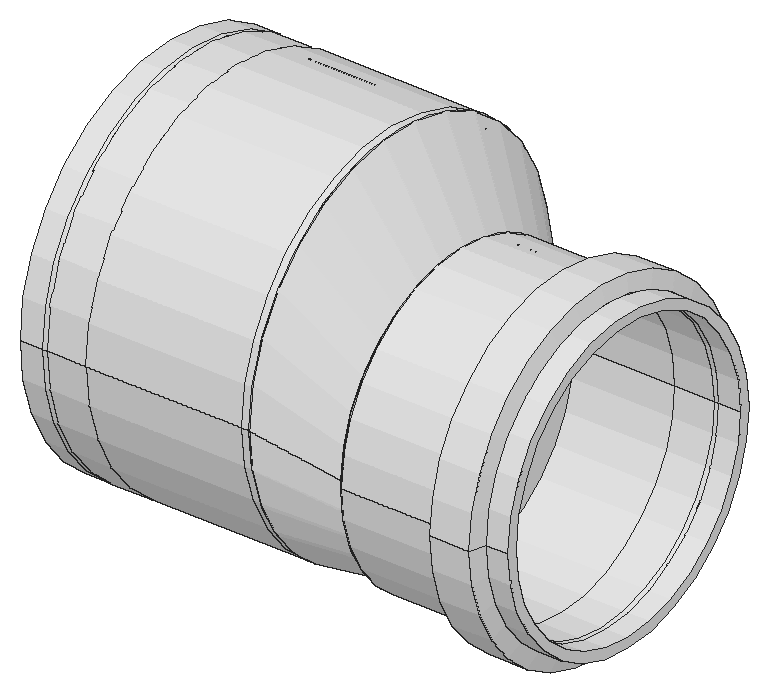
Revit family "Reducao_Excentrica", category Pipe Fittings, Revit 2025
Family settings
  Round Connector Dimension = Use Radius
  Part Type = Transition
  Work Plane-Based = No
  Always vertical = Yes
  Cut with Voids When Loaded = No
  Shared = No
Parameters (values of type "Standard")
  built-in parameter 1114242 [instance] = (empty or 0)
  URL = "http://www.tigre.com.br"
  Type Comments = ""
  Tigre: Sistema = "Esgoto"  # constant formula
  Tigre: Norma = ""
  Tigre: Material = "PVC Branco"  # constant formula
  Tigre: Marcador [instance] = "00"
  Tigre: Link do Produto = "http://www.tigre.com.br/pt/produtos_unico.php?rcr_id=4&cpr_id=10&cpr_id_pai=4&lnh_id=9&prd_id=720"
  Tigre: Linha = "Série Normal"  # constant formula
  Tigre: Fabricante = "© Tigre S/A"  # constant formula
  Tigre: Descrição [instance] = if(or(and(Diâmetro Nominal 1 = 75.00 mm, Diâmetro Nominal 2 = 50.00 mm), and(Diâmetro Nominal 1 = 50.00 mm, Diâmetro Nominal 2 = 75.00 mm)), "Redução Excêntrica 75x50mm, Esgoto Série Normal - TIGRE", if(or(and(Diâmetro Nominal 1 = 100.00 mm, Diâmetro Nominal 2 = 50.00 mm), and(Diâmetro Nominal 1 = 50.00 mm, Diâmetro Nominal 2 = 100.00 mm)), "Redução Excêntrica 100x50mm, Esgoto Série Normal - TIGRE", if(or(and(Diâmetro Nominal 1 = 100.00 mm, Diâmetro Nominal 2 = 75.00 mm), and(Diâmetro Nominal 1 = 75.00 mm, Diâmetro Nominal 2 = 100.00 mm)), "Redução Excêntrica 100x75mm, Esgoto Série Normal - TIGRE", if(or(and(Diâmetro Nominal 1 = 150.00 mm, Diâmetro Nominal 2 = 100.00 mm), and(Diâmetro Nominal 1 = 100.00 mm, Diâmetro Nominal 2 = 150.00 mm)), "Redução Excêntrica 150x100mm, Esgoto Série Normal - TIGRE", if(or(and(Diâmetro Nominal 1 = 200.00 mm, Diâmetro Nominal 2 = 150.00 mm), and(Diâmetro Nominal 1 = 150.00 mm, Diâmetro Nominal 2 = 200.00 mm)), "Redução Excêntrica 200x150mm, Esgoto Série Normal - TIGRE", "Produto Inexistente")))))  # "Redução Excêntrica 100x75mm, Esgoto Série Normal - TIGRE"
  Tigre: Código com Separador [instance] = if(or(and(Diâmetro Nominal 1 = 75.00 mm, Diâmetro Nominal 2 = 50.00 mm), and(Diâmetro Nominal 1 = 50.00 mm, Diâmetro Nominal 2 = 75.00 mm)), "26.35.729.2", if(or(and(Diâmetro Nominal 1 = 100.00 mm, Diâmetro Nominal 2 = 50.00 mm), and(Diâmetro Nominal 1 = 50.00 mm, Diâmetro Nominal 2 = 100.00 mm)), "26.35.746.2", if(or(and(Diâmetro Nominal 1 = 100.00 mm, Diâmetro Nominal 2 = 75.00 mm), and(Diâmetro Nominal 1 = 75.00 mm, Diâmetro Nominal 2 = 100.00 mm)), "26.35.747.0", if(or(and(Diâmetro Nominal 1 = 150.00 mm, Diâmetro Nominal 2 = 100.00 mm), and(Diâmetro Nominal 1 = 100.00 mm, Diâmetro Nominal 2 = 150.00 mm)), "29.58.764.7", if(or(and(Diâmetro Nominal 1 = 200.00 mm, Diâmetro Nominal 2 = 150.00 mm), and(Diâmetro Nominal 1 = 150.00 mm, Diâmetro Nominal 2 = 200.00 mm)), "26.35.752.7", "Produto ou Código Inexistente")))))  # "26.35.747.0"
  Tigre: Código [instance] = if(or(and(Diâmetro Nominal 1 = 75.00 mm, Diâmetro Nominal 2 = 50.00 mm), and(Diâmetro Nominal 1 = 50.00 mm, Diâmetro Nominal 2 = 75.00 mm)), 26357292, if(or(and(Diâmetro Nominal 1 = 100.00 mm, Diâmetro Nominal 2 = 50.00 mm), and(Diâmetro Nominal 1 = 50.00 mm, Diâmetro Nominal 2 = 100.00 mm)), 26357462, if(or(and(Diâmetro Nominal 1 = 100.00 mm, Diâmetro Nominal 2 = 75.00 mm), and(Diâmetro Nominal 1 = 75.00 mm, Diâmetro Nominal 2 = 100.00 mm)), 26357470, if(or(and(Diâmetro Nominal 1 = 150.00 mm, Diâmetro Nominal 2 = 100.00 mm), and(Diâmetro Nominal 1 = 100.00 mm, Diâmetro Nominal 2 = 150.00 mm)), 29587647, if(or(and(Diâmetro Nominal 1 = 200.00 mm, Diâmetro Nominal 2 = 150.00 mm), and(Diâmetro Nominal 1 = 150.00 mm, Diâmetro Nominal 2 = 200.00 mm)), 26357527, 0)))))  # 26357470
  Tigre: Comentários [instance] = ""
  Sem Redução [instance] = Raio Nominal 1 = Raio Nominal 2  # no
  Representação Unifilar 2 [instance] = Diâmetro Nominal 1 * 0.2  # 20 mm
  Representação Unifilar 1 [instance] = Diâmetro Nominal 2 * 0.2  # 15.00 mm
  Redução à Esquerda [instance] = Raio Nominal 1 > Raio Nominal 2  # yes
  Redução à Direita [instance] = Raio Nominal 1 < Raio Nominal 2  # no
  Raio Nominal Máximo [instance] = if(Raio Nominal 1 > Raio Nominal 2, Raio Nominal 1, Raio Nominal 2)  # 50 mm
  Raio Nominal 1 [instance] = 50 mm
  Raio Nominal 2 [instance] = 37.5 mm
  Raio Externo 2 [instance] = Diâmetro Externo 2 / 2  # 40.00 mm
  Raio Externo 1 [instance] = Diâmetro Externo 1 / 2  # 50.00 mm
  Raio Anel 2 [instance] = size_lookup(Lookup Table Name, "RaioAnel2", 0.5 * Diâmetro Nominal 1, Diâmetro Nominal 1, Diâmetro Nominal 2)  # 44.2 mm
  Raio Anel 1 [instance] = size_lookup(Lookup Table Name, "RaioAnel1", 0.442 * Diâmetro Nominal 1, Diâmetro Nominal 1, Diâmetro Nominal 2)  # 50 mm
  Raio 2 [instance] = if(Diâmetro Nominal 1 > Diâmetro Nominal 2, Raio Nominal 2, if(Diâmetro Nominal 1 = Diâmetro Nominal 2, Raio Nominal 2, 0.95 * Raio Nominal 2))  # 37.5 mm
  Raio 1 [instance] = if(Diâmetro Nominal 1 > Diâmetro Nominal 2, Raio Nominal 1 * 0.95, if(Diâmetro Nominal 1 = Diâmetro Nominal 2, Raio Nominal 1 * 0.95, Raio Nominal 1))  # 47.5 mm
  Model = ""
  Manufacturer = Tigre: Fabricante  # "© Tigre S/A"
  Luva à Esquerda [instance] = and(Ligação em Tubo, Diâmetro Nominal 1 > Diâmetro Nominal 2)  # yes
  Luva à Direita [instance] = and(Ligação em Tubo, Diâmetro Nominal 1 < Diâmetro Nominal 2)  # no
  Luva = no
  Loss Method = Not Defined
  Lookup Table Name = "Reducao Excentrica - Serie Normal - Esgoto - MEP - Tigre"
  Ligação em Tubo [instance] = yes
  K Coefficient Table = "Reducer/Coupling/Union/Increaser"
  Description = "Redução Excêntrica, Esgoto Série Normal - TIGRE"
  Default Elevation = 0.00 mm
  Cota L2 [instance] = if(Diâmetro Nominal 1 > Diâmetro Nominal 2, Cota C, Cota A)  # 77.4 mm
  Cota L1 [instance] = if(Diâmetro Nominal 1 > Diâmetro Nominal 2, Cota A, Cota A - Cota D)  # 122 mm
  Cota H [instance] = if(Diâmetro Nominal 1 < Diâmetro Nominal 2, Cota C - Cota D - (3.80 mm), 0.00 mm)  # 0 mm
  Aux.Width 2 [instance] = 0 mm
  Aux.Width 1 [instance] = 0 mm
  Aux.Height 2 [instance] = if(or(and(Diâmetro Nominal 1 = 75.00 mm, Diâmetro Nominal 2 = 50.00 mm), and(Diâmetro Nominal 1 = 50.00 mm, Diâmetro Nominal 2 = 75.00 mm)), 12.50 mm, if(or(and(Diâmetro Nominal 1 = 100.00 mm, Diâmetro Nominal 2 = 50.00 mm), and(Diâmetro Nominal 1 = 50.00 mm, Diâmetro Nominal 2 = 100.00 mm)), 25.00 mm, if(or(and(Diâmetro Nominal 1 = 100.00 mm, Diâmetro Nominal 2 = 75.00 mm), and(Diâmetro Nominal 1 = 75.00 mm, Diâmetro Nominal 2 = 100.00 mm)), 12.50 mm, if(or(and(Diâmetro Nominal 1 = 150.00 mm, Diâmetro Nominal 2 = 100.00 mm), and(Diâmetro Nominal 1 = 100.00 mm, Diâmetro Nominal 2 = 150.00 mm)), 25.00 mm, if(or(and(Diâmetro Nominal 1 = 200.00 mm, Diâmetro Nominal 2 = 150.00 mm), and(Diâmetro Nominal 1 = 150.00 mm, Diâmetro Nominal 2 = 200.00 mm)), 25.00 mm, 0.00 mm)))))  # 12.5 mm
  Aux.Height 1 [instance] = 0 mm
  Acabamento [instance] = none
  Diâmetro Nominal 1 [instance] = Raio Nominal 1 * 2  # 100 mm
  Diâmetro Nominal 2 [instance] = Raio Nominal 2 * 2  # 75 mm
  Diâmetro Externo 2 [instance] = size_lookup(Lookup Table Name, "DE2", Diâmetro Nominal 1, Diâmetro Nominal 1, Diâmetro Nominal 2)  # 80 mm
  Diâmetro Externo 1 [instance] = size_lookup(Lookup Table Name, "DE1", 0.8 * Diâmetro Nominal 1, Diâmetro Nominal 1, Diâmetro Nominal 2)  # 100 mm
  Cota E [instance] = size_lookup(Lookup Table Name, "CotE", 0.175 * Diâmetro Nominal 1, Diâmetro Nominal 1, Diâmetro Nominal 2)  # 17.5 mm
  Cota D [instance] = size_lookup(Lookup Table Name, "CotD", 0.446 * Diâmetro Nominal 1, Diâmetro Nominal 1, Diâmetro Nominal 2)  # 59.1 mm
  Cota C [instance] = size_lookup(Lookup Table Name, "CotC", 0.629 * Diâmetro Nominal 1, Diâmetro Nominal 1, Diâmetro Nominal 2)  # 77.4 mm
  Cota B1 [instance] = size_lookup(Lookup Table Name, "CotB1", 0.06 * Diâmetro Nominal 1, Diâmetro Nominal 1, Diâmetro Nominal 2)  # 6 mm
  Cota B [instance] = size_lookup(Lookup Table Name, "CotB", 1.05 * Diâmetro Nominal 1, Diâmetro Nominal 1, Diâmetro Nominal 2)  # 105.5 mm
  Cota Anel 2 [instance] = size_lookup(Lookup Table Name, "CotAnel2", 0.105 * Diâmetro Nominal 1, Diâmetro Nominal 1, Diâmetro Nominal 2)  # 10.5 mm
  Cota Anel 1 [instance] = size_lookup(Lookup Table Name, "CotAnel1", 0.105 * Diâmetro Nominal 1, Diâmetro Nominal 1, Diâmetro Nominal 2)  # 10.5 mm
  Cota A [instance] = size_lookup(Lookup Table Name, "CotA", 1.22 * Diâmetro Nominal 1, Diâmetro Nominal 1, Diâmetro Nominal 2)  # 122 mm
  Chanfro [instance] = size_lookup(Lookup Table Name, "Chan", 0.02 * Diâmetro Nominal 1, Diâmetro Nominal 1, Diâmetro Nominal 2)  # 1 mm
Reference planes
  plane 1 "Center (Front/Back)": y = 0
  plane 2: z = 0
  plane 3 "Center (Left/Right)": x = 0
  plane 4: x = 61
  plane 5: x = 17.5
  plane 6: x = 122
  plane 7: x = 75.5
  plane 8: x = 59.1
  plane 9: x = 77.4
  plane 10: x = 105.5
  plane 11: y = 0
  plane 12: y = 0
  plane 13: z = 0
  plane 14 "H1": z = 12.5
  plane 15: x = 29.55
  plane 16: x = 99.7
Forms (mm)
  Sweep 1, solid, material "PVC", detail levels fine
    path in 3D
      loop
        line (122, 0, 0) -> (116, 0, 0)
    profile origin (119, 0, 0) x (0, -1, 0) y (0, 0, 1)
      loop
        circle (0, 0) r 40
  Sweep 2, solid, material "PVC", detail levels fine
    path in 3D
      loop
        line (115, 0, 0) -> (104.5, 0, 0)
    profile origin (109.75, 0, 0) x (0, -1, 0) y (0, 0, 1)
      loop
        circle (0, 0) r 44.2
  SweptBlend 3, solid, material "PVC", detail levels fine
    path in 3D
      loop
        line (116, 0, 0) -> (115, 0, 0)
    profile origin (116, 0, 0) x (0, -1, 0) y (0, 0, 1)
      loop
        circle (0, 0) r 40
    end profile origin (115, 0, 0) x (0, -1, 0) y (0, 0, 1)
      loop
        circle (0, 0) r 44.2
  Sweep 4, solid, material "PVC", detail levels fine
    path in 3D
      loop
        line (104.5, 0, 0) -> (77.4, 0, 0)
    profile origin (90.95, 0, 0) x (0, -1, 0) y (0, 0, 1)
      loop
        circle (0, 0) r 40
  SweptBlend 5, solid, material "PVC", detail levels fine
    path in 3D
      loop
        line (77.4, 0, 0) -> (75.5, 0, 0)
    profile origin (77.4, 0, 0) x (0, -1, 0) y (0, 0, 1)
      loop
        circle (0, 0) r 40
    end profile origin (75.5, 0, 0) x (0, -1, 0) y (0, 0, 1)
      loop
        circle (0, 0) r 37.5
  Sweep 6, solid, material "PVC", detail levels fine
    path in 3D
      loop
        line (0, 0, 12.5) -> (6, 0, 12.5)
    profile origin (3, 0, 12.5) x (0, 1, 0) y (0, 0, 1)
      loop
        circle (0, 0) r 50
  Sweep 7, solid, material "PVC", detail levels fine
    path in 3D
      loop
        line (7, 0, 12.5) -> (17.5, 0, 12.5)
    profile origin (12.25, 0, 12.5) x (0, 1, 0) y (0, 0, 1)
      loop
        circle (0, 0) r 50
  SweptBlend 8, solid, material "PVC", detail levels fine
    path in 3D
      loop
        line (6, 0, 12.5) -> (7, 0, 12.5)
    profile origin (6, 0, 12.5) x (0, 1, 0) y (0, 0, 1)
      loop
        circle (0, 0) r 50
    end profile origin (7, 0, 12.5) x (0, 1, 0) y (0, 0, 1)
      loop
        circle (0, 0) r 50
  Sweep 9, solid, material "PVC", detail levels fine
    path in 3D
      loop
        line (17.5, 0, 12.5) -> (59.1, 0, 12.5)
    profile origin (38.3, 0, 12.5) x (0, 1, 0) y (0, 0, 1)
      loop
        circle (0, 0) r 50
  SweptBlend 10, solid, material "PVC", detail levels fine
    path in 3D
      loop
        line (59.1, 0, 12.5) -> (61, 0, 12.5)
    profile origin (59.1, 0, 12.5) x (0, 1, 0) y (0, 0, 1)
      loop
        circle (0, 0) r 50
    end profile origin (61, 0, 12.5) x (0, 1, 0) y (0, 0, 1)
      loop
        circle (0, 0) r 50
  Blend 11, solid, material "PVC", detail levels fine
    base sketch origin (75.5, 0, 0) x (0, 0, -1) y (0, -1, 0)
      loop
        circle (0, 0) r 37.5
    top sketch origin (75.5, 0, 0) x (0, 0, -1) y (0, -1, 0)
      loop
        circle (-12.5, 0) r 50
    from 0 to 14.5
  Sweep 12, void
    path in 3D
      loop
        line (0, 0, 12.5) -> (6, 0, 12.5) -> (7, 0, 12.5) -> (17.5, 0, 12.5) -> (59.1, 0, 12.5)
    profile origin (3, 0, 12.5) x (0, 1, 0) y (0, 0, 1)
      loop
        circle (0, 0) r 47.5
  Sweep 13, void
    path in 3D
      loop
        line (122, 0, 0) -> (116, 0, 0) -> (115, 0, 0) -> (104.5, 0, 0) -> (77.4, 0, 0)
    profile origin (119, 0, 0) x (0, -1, 0) y (0, 0, 1)
      loop
        circle (0, 0) r 37.5
  Blend 14, solid, material "PVC", not visible, detail levels fine
    base sketch origin (75.5, 50.499, 1200) x (0, -1, 0) y (0, 0, 1)
      loop
        line (50.499, -1200) -> (50.499, -1215) -> (65.499, -1215) -> (65.499, -1200) -> (50.499, -1200)
    top sketch origin (75.5, 50.499, 1200) x (0, -1, 0) y (0, 0, 1)
      loop
        line (50.499, -1187.5) -> (30.499, -1187.5) -> (30.499, -1197.5) -> (50.499, -1197.5) -> (50.499, -1187.5)
    from -1.9 to 16.4
  Blend 15, solid, material "PVC", not visible, detail levels fine
    base sketch origin (75.5, 50.499, 1200) x (0, -1, 0) y (0, 0, 1)
      loop
        line (50.499, -1200) -> (35.499, -1200) -> (35.499, -1215) -> (50.499, -1215) -> (50.499, -1200)
    top sketch origin (75.5, 50.499, 1200) x (0, -1, 0) y (0, 0, 1)
      loop
        line (50.499, -1187.5) -> (50.499, -1197.5) -> (70.499, -1197.5) -> (70.499, -1187.5) -> (50.499, -1187.5)
    from -1.9 to 16.4
  Sweep 16, solid, material "PVC", not visible, detail levels fine
    path origin (-1520, -1524, 12.5) x (-1, 0, 0) y (0, -1, 0)
      loop
        line (-1520, -1524) -> (-1581, -1524)
    profile origin (30.5, 0, 12.5) x (0, 1, 0) y (0, 0, 1)
      loop
        circle (0, 0) r 50
  Sweep 17, solid, material "PVC", not visible, detail levels fine
    path origin (-348.004, 0, 1200) x (-1, 0, 0) y (0, 0, 1)
      loop
        line (-423.504, -1200) -> (-425.404, -1200)
    profile origin (76.45, 0, 0) x (0, 0, -1) y (0, 1, 0)
      loop
        circle (0, 0) r 37.5
Cuts and joins
  Sweep 13 cuts Sweep 1
  Sweep 13 cuts Sweep 2
  Sweep 13 cuts SweptBlend 3
  Sweep 13 cuts Sweep 4
  joined: Sweep 1, Sweep 2, SweptBlend 3, Sweep 4
  Sweep 12 cuts Sweep 6
  Sweep 12 cuts Sweep 7
  Sweep 12 cuts SweptBlend 8
  Sweep 12 cuts Sweep 9
  Sweep 12 cuts SweptBlend 10
  joined: Sweep 6, Sweep 7, SweptBlend 8, Sweep 9, SweptBlend 10
  Sweep 13 cuts SweptBlend 5
Lines and regions (mm)
  model lines, not visible, detail levels coarse+medium
    curve 1: line (122, 0, 0) -> (116, 0, 0)
    curve 2: line (116, 0, 0) -> (115, 0, 0)
    curve 3: line (115, 0, 0) -> (104.5, 0, 0)
    curve 4: line (104.5, 0, 0) -> (77.4, 0, 0)
    curve 5: line (77.4, 0, 0) -> (75.5, 0, 0)
    curve 11: line (0, 0, 12.5) -> (6, 0, 12.5)
    curve 12: line (6, 0, 12.5) -> (7, 0, 12.5)
    curve 13: line (7, 0, 12.5) -> (17.5, 0, 12.5)
    curve 14: line (17.5, 0, 12.5) -> (59.1, 0, 12.5)
    curve 15: line (59.1, 0, 12.5) -> (61, 0, 12.5)
  sketch lines
    curve 6: line (122, 0, 0) -> (116, 0, 0)
    curve 7: line (115, 0, 0) -> (104.5, 0, 0)
    curve 8: line (116, 0, 0) -> (115, 0, 0)
    curve 9: line (104.5, 0, 0) -> (77.4, 0, 0)
    curve 10: line (77.4, 0, 0) -> (75.5, 0, 0)
    curve 16: line (0, 0, 12.5) -> (6, 0, 12.5)
    curve 17: line (7, 0, 12.5) -> (17.5, 0, 12.5)
    curve 18: line (6, 0, 12.5) -> (7, 0, 12.5)
    curve 19: line (17.5, 0, 12.5) -> (59.1, 0, 12.5)
    curve 20: line (59.1, 0, 12.5) -> (61, 0, 12.5)
    curve 21: line (0, 0, 12.5) -> (6, 0, 12.5)
    curve 22: line (7, 0, 12.5) -> (17.5, 0, 12.5)
    curve 23: line (17.5, 0, 12.5) -> (59.1, 0, 12.5)
    curve 24: line (6, 0, 12.5) -> (7, 0, 12.5)
    curve 25: line (122, 0, 0) -> (116, 0, 0)
    curve 26: line (116, 0, 0) -> (115, 0, 0)
    curve 27: line (115, 0, 0) -> (104.5, 0, 0)
    curve 28: line (104.5, 0, 0) -> (77.4, 0, 0)
  model lines, visible <- "Redução à Direita", detail levels coarse+medium
    curve 29: line (59.1, 0, 12.5) -> (77.4, 15, 0)
    curve 30: line (59.1, 0, 12.5) -> (77.4, -15, 0)
  model lines, visible <- "Redução à Esquerda", detail levels coarse+medium
    curve 31: line (77.4, 0, 0) -> (59.1, 20, 12.5)
    curve 32: line (77.4, 0, 0) -> (59.1, -20, 12.5)
  model lines, detail levels coarse+medium
    curve 33: line (77.4, 15, 0) -> (77.4, -15, 0)
    curve 34: line (59.1, 20, 12.5) -> (59.1, -20, 12.5)
  model lines, visible <- "Sem Redução", detail levels coarse+medium
    curve 35: line (77.4, 0, 0) -> (59.1, 0, 12.5)
Dimensions and locks
  "Cota A": plane 3 "Center (Left/Right)" to plane 6
  "Cota B": plane 3 "Center (Left/Right)" to plane 10
  "Cota C": plane 3 "Center (Left/Right)" to plane 9
  "Cota D": plane 3 "Center (Left/Right)" to plane 8
  "Cota E": plane 3 "Center (Left/Right)" to plane 5
  locked: plane 8 to plane 4 at 1.9
  locked: plane 7 to plane 9 at 1.9
  "Aux.Width 2": plane 11 to plane 12
  locked: level to plane 13 at 0
  "Aux.Height 2": plane 14 "H1" to plane 13
  "Cota B1": curve 1 to plane 6
  "Chanfro": curve 2 to curve 2
  "Cota Anel 1": curve 3 to curve 3
  "Cota B1": plane 3 "Center (Left/Right)" to curve 11
  "Chanfro": curve 12 to curve 12
  "Cota Anel 2": curve 13 to curve 13
  locked: plane 12 to plane 1 "Center (Front/Back)"
  "Representação Unifilar 2": Blend 14 sketch curve to plane 1 "Center (Front/Back)"
  "Representação Unifilar 1": plane 11 to Blend 14 sketch curve
  "Representação Unifilar 1": Blend 15 sketch curve to plane 11
  "Representação Unifilar 2": plane 1 "Center (Front/Back)" to Blend 15 sketch curve
  equal spacing: curve 33, plane 11, curve 33
  "Representação Unifilar 1": curve 33 to plane 11
  equal spacing: curve 34, plane 1 "Center (Front/Back)", curve 34
  "Representação Unifilar 2": plane 1 "Center (Front/Back)" to curve 34
  "Cota L1": Sweep 16 sketch curve to plane 6
  "Cota L2": Sweep 17 sketch curve to plane 3 "Center (Left/Right)"
  equal spacing: plane 3 "Center (Left/Right)", plane 15, plane 8
  equal spacing: plane 9, plane 16, plane 6
  "Raio Externo 2": radius of Sweep 1 sketch curve
  "Raio Anel 2": radius of Sweep 2 sketch curve
  "Raio Externo 2": radius of Sweep 4 sketch curve
  "Raio Nominal 2": radius of SweptBlend 5 sketch curve
  "Raio Externo 1": radius of Sweep 6 sketch curve
  "Raio Anel 1": radius of Sweep 7 sketch curve
  "Raio Externo 1": radius of Sweep 9 sketch curve
  "Raio Nominal 1": radius of SweptBlend 10 sketch curve
  "Raio Nominal 2": radius of Blend 11 sketch curve
  "Raio 1": radius of Sweep 12 sketch curve
  "Raio 2": radius of Sweep 13 sketch curve
  "Raio Nominal 1": radius of Sweep 16 sketch curve
  "Raio Nominal 2": radius of Sweep 17 sketch curve
  aligned and locked: plane 11 to curve 1
  aligned and locked: plane 6 to curve 1
  aligned and locked: plane 11 to curve 2
  aligned and locked: plane 11 to curve 3
  aligned and locked: plane 9 to curve 4
  aligned and locked: plane 11 to curve 4
  aligned and locked: plane 7 to curve 5
  aligned and locked: plane 11 to curve 5
  aligned and locked: SweptBlend 3 sketch curve to Sweep 2  (x2)
  aligned and locked: SweptBlend 3 sketch curve to Sweep 1  (x2)
  aligned and locked: SweptBlend 5 sketch curve to Sweep 4  (x2)
  aligned and locked: plane 3 "Center (Left/Right)" to curve 11
  aligned and locked: plane 1 "Center (Front/Back)" to curve 11
  aligned and locked: plane 1 "Center (Front/Back)" to curve 12
  aligned and locked: plane 1 "Center (Front/Back)" to curve 13
  aligned and locked: plane 1 "Center (Front/Back)" to curve 14
  aligned and locked: plane 8 to curve 14
  aligned and locked: plane 1 "Center (Front/Back)" to curve 15
  aligned and locked: plane 4 to curve 15
  aligned and locked: SweptBlend 8 sketch curve to Sweep 6  (x2)
  aligned and locked: SweptBlend 8 sketch curve to Sweep 7  (x2)
  aligned and locked: SweptBlend 10 sketch curve to Sweep 9  (x2)
  aligned and locked: Blend 11 sketch curve to cut or joined group of Sweep 6, Sweep 7, SweptBlend 8, Sweep 9, SweptBlend 10, Sweep 12  (x2)
  aligned and locked: plane 4 to Blend 11
  aligned and locked: Blend 11 to plane 7
  aligned and locked: plane 1 "Center (Front/Back)" to Blend 14 sketch curve
  aligned and locked: plane 14 "H1" to Blend 14 sketch curve
  aligned and locked: Blend 14 sketch curve to level
  aligned and locked: Blend 14 sketch curve to plane 11
  aligned and locked: level to Blend 15 sketch curve
  aligned and locked: Blend 15 sketch curve to plane 11
  aligned and locked: Blend 15 sketch curve to plane 14 "H1"
  aligned and locked: plane 1 "Center (Front/Back)" to Blend 15 sketch curve
  aligned and locked: curve 29 to Blend 15
  aligned and locked: curve 30 to Blend 14
  aligned and locked: curve 31 to Blend 14
  aligned and locked: curve 32 to Blend 15
  aligned and locked: plane 8 to Blend 15
  aligned and locked: plane 8 to Blend 14
  aligned and locked: plane 9 to curve 33
  aligned and locked: plane 8 to curve 34
  aligned and locked: plane 4 to Sweep 16 sketch curve
  aligned and locked: plane 1 "Center (Front/Back)" to Sweep 16 sketch curve
  aligned and locked: plane 7 to Sweep 17 sketch curve
  aligned and locked: Sweep 17 sketch curve to plane 13
Automatic sketch dimensions
  Sweep 1 sketch curve to profile plane = 0.00 mm  (x2)
  Sweep 2 sketch curve to profile plane = 0.00 mm  (x2)
  Sweep 4 sketch curve to profile plane = 0.00 mm  (x2)
  SweptBlend 5 sketch curve to profile plane = 0.00 mm  (x2)
  Sweep 6 sketch curve to profile plane = 0.00 mm  (x2)
  Sweep 7 sketch curve to profile plane = 0.00 mm  (x2)
  Sweep 9 sketch curve to profile plane = 0.00 mm  (x2)
  SweptBlend 10 sketch curve to profile plane = 0.00 mm  (x2)
  Blend 11 sketch curve to Blend 11 sketch curve = 0.00 mm  (x2)
  Sweep 12 sketch curve to profile plane = 0.00 mm  (x2)
  Sweep 13 sketch curve to profile plane = 0.00 mm  (x2)
  Blend 14 sketch curve to level = 15.00 mm
  Blend 14 sketch curve to plane 14 "H1" = 10.00 mm
  Blend 15 sketch curve to level = 15.00 mm
  Blend 15 sketch curve to plane 14 "H1" = 10.00 mm
  curve 29 to Blend 15 = 0.00 mm  (x2)
  curve 30 to Blend 14 = 0.00 mm  (x2)
  curve 31 to Blend 14 = 0.00 mm  (x2)
  curve 32 to Blend 15 = 0.00 mm  (x2)
  curve 35 to Blend 14 = 0.00 mm  (x4)
  Sweep 16 sketch curve to plane 14 "H1" = 0.00 mm
  Sweep 16 sketch curve to profile plane = 0.00 mm
  Sweep 17 sketch curve to plane 11 = 0.00 mm
  Sweep 17 sketch curve to profile plane = 0.00 mm
Connectors
  piping at (0, 0, 12.5), diameter 100, driven by "Raio Nominal 1"
    settings: on Sweep 16, index 1, connector inside diameter 100 mm, connector length 0.00 mm, flow factor 0, pipe flow 0.0 L/s, pressure drop 0.0 Pa, fitting loss kfactor 0, connector angle 0.00°, fixture units 0, engagement length 0.00 mm, angle of deflection 0.00°, flow configuration 0, flow direction 0, fitting loss method 0, system type 28, joint type 0, gender type 0, connector reference index 2, connector utility 0, adjustable connector no, is connector primary yes, connector description ""
  piping at (77.4, 0, 0), diameter 75, driven by "Raio Nominal 2"
    settings: on Sweep 17, index 2, connector inside diameter 75 mm, connector length 0.00 mm, flow factor 0, pipe flow 0.0 L/s, pressure drop 0.0 Pa, fitting loss kfactor 0, connector angle 0.00°, fixture units 0, engagement length 0.00 mm, angle of deflection 0.00°, flow configuration 0, flow direction 0, fitting loss method 0, system type 28, joint type 0, gender type 0, connector reference index 1, connector utility 0, adjustable connector no, is connector primary no, connector description ""
